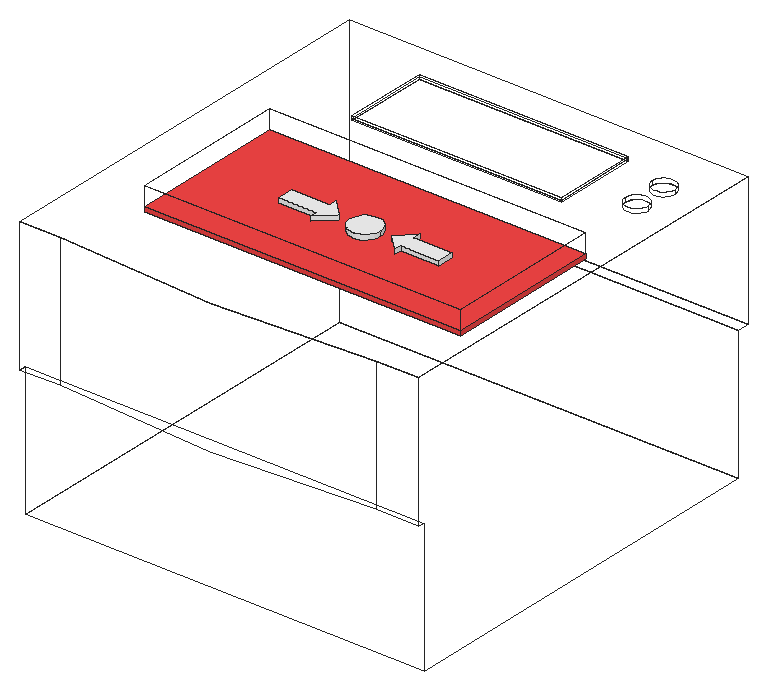
Revit family "Maxlogic ПДУ “Отмена пуска пожаротушения”", category Fire Alarm Devices, host Face, Revit 2021
Family settings
  Host = Face
  Maintain Annotation Orientation = Yes
  Round Connector Dimension = Use Diameter
  Part Type = Normal
  OmniClass Number = 23.85.30.21
  OmniClass Title = Environmental Detection/Registration
  Cut with Voids When Loaded = No
  Shared = No
  Room Calculation Point = No
Parameters (values of type "Maxlogic ПДУ “Отмена пуска пожаротушения”")
  Вес = "140 гр"
  Монтажный короб для установки извещателя с поверхностной прокладкой кабеля = ""
  Гарантийный срок = "Года"
  Гарантийный срок запчастей = "2"
  Гарантия срока службы = "2"
  Версия = ""
  URL = "https://www.mavili.com.tr/"
  Монтажный комплект для установки извещателя в подвесной потолок = ""
  Номер позы общественных работ = "833-265"
  Прозрачная защитная крышка = "ML-0710"
  Класс защиты = "IP22D"
  Код продукта = "ML-2710.ES"
  Номер телефона = "(+)90 216 466 45 05"
  Рабочее напряжение (по умолчанию) = "24 В Пост. ток"
  Диапазон рабочего напряжения = "10-30 В Пост. ток"
  Рабочая Температура = "(-10°C) - (+55°C)"
  Номинальная глубина = "58 мм"
  Номинальная ширина = "87 мм"
  Номинальная высота = "91 мм"
  Монтажная поверхность = "Настенная"
  Монтажная высота = "Выше пола на 140 см (+/-200мм)"
  Model = "MaxLogic"
  Manufacturer = "Mavili Elektronik Ticaret A.Ş."
  Инструкция по установке = "https://mavilielektronik.com/Revit/ML2710ES_RU.pdf"
  Выход индикации = ""
  Номер факса = "(+)90 216 466 45 10"
  Резервное питание = ""
  Почта = "mavili@mavili.com.tr"
  Отказ = ""
  Настройка адреса устройства = ""
  Description = "ПДУ “Отмена пуска пожаротушения”"
  Default Elevation = 0 mm
  Потребление тока = ""
  Валюта = ""
  Cost = 0
  Совместимые базы для монтажа = ""
  Цвет = "Синий"
  Производительность кода = "EN 12094-3"
  Главный Материал = "Синий пластмассовый ABS"
  Вторичный материал = "Пластмассовый"
  Адрес №1 = "Şerifali Mahallesi Kutup Sokak No:27/1-2-4 Ümraniye TR-34775 İSTANBUL"
Reference planes
  plane 1 "Center (Front/Back)": y = 0
  plane 2: z = 0
  plane 3 "Center (Left/Right)": x = 0
Forms (mm)
  Extrusion 1, solid, material "Mavili mavi"
    sketch origin (0, 0, 0) x (1, 0, 0) y (0, 1, 0)
      loop
        line (0, 89.883) -> (0, 0) -> (8.74, 0)
        arc (8.74, 0) -> (43.246, -2.016) -> (77.752, 0) r 296.28
        line (77.752, 0) -> (87.027, 0) -> (87.027, 89.883) -> (0, 89.883)
    from 0 to 58
  Extrusion 2, void
    sketch origin (0, 0, 0) x (0, 1, 0) y (0, 0, 1)
      loop
        line (89.883, 29.005) -> (87.283, 29.005) -> (87.283, -4.106) -> (89.883, -4.106) -> (89.883, 29.005)
    from 0 to 90.479
  Extrusion 3, void
    sketch origin (0, 0, 0) x (0, 1, 0) y (0, 0, 1)
      loop
        line (-3.567, 28.975) -> (-3.567, -2.735) -> (1.471, -2.735) -> (1.471, 28.975) -> (-3.567, 28.975)
    from 0 to 87.027
  Extrusion 4, void
    sketch origin (0, 0, 58) x (0, 1, 0) y (1, 0, 0)
      loop
        line (57.252, 8.74) -> (57.252, 77.752) -> (22.919, 77.752) -> (22.919, 8.74) -> (57.252, 8.74)
    from 0 to 5
  Extrusion 5, solid, material "Render Material 255-0-0"
    sketch origin (0, 0, 53) x (0, 1, 0) y (-1, 0, 0)
      loop
        line (57.252, -8.74) -> (22.919, -8.74) -> (22.919, -77.752) -> (57.252, -77.752) -> (57.252, -8.74)
    from 0 to 1
  Extrusion 6, solid, material "Render Material 255-255-255"
    sketch origin (0, 0, 54) x (1, 0, 0) y (0, 1, 0)
      loop
        circle (43.246, 40.085) r 3.37
    from 0 to 1
  Extrusion 7, solid, material "Render Material 255-255-255"
    sketch origin (0, 0, 54) x (1, 0, 0) y (0, 1, 0)
      loop
        line (49.1, 40.085) -> (52.47, 36.715) -> (52.47, 38.309) -> (60.788, 38.309) -> (60.788, 41.861) -> (52.47, 41.861) -> (52.47, 43.455) -> (49.1, 40.085)
    from 0 to 1
  Extrusion 8, solid, material "Render Material 255-255-255"
    sketch origin (86.492, 0, 54) x (-1, 0, 0) y (0, -1, 0)
      loop
        line (49.1, -40.085) -> (52.47, -43.455) -> (52.47, -41.861) -> (60.788, -41.861) -> (60.788, -38.309) -> (52.47, -38.309) -> (52.47, -36.715) -> (49.1, -40.085)
    from 0 to 1
  Extrusion 9, void
    sketch origin (0, 0, 58) x (0, 1, 0) y (1, 0, 0)
      loop
        circle (78.518, 77.752) r 2.471
    from 0 to 1
  Extrusion 10, void
    sketch origin (0, -7.362, 58) x (0, 1, 0) y (1, 0, 0)
      loop
        circle (78.518, 77.752) r 2.471
    from 0 to 1
  Extrusion 11, void
    sketch origin (0, 0, 58) x (0, 1, 0) y (1, 0, 0)
      loop
        line (82.6, 21.063) -> (82.6, 66.836) -> (64.116, 66.836) -> (64.116, 21.063) -> (82.6, 21.063)
    from 0 to 1
  Extrusion 12, solid, material "Mavili mavi"
    sketch origin (0, 0, 57) x (0, 1, 0) y (-1, 0, 0)
      loop
        line (82.6, -21.063) -> (64.116, -21.063) -> (64.116, -66.836) -> (82.6, -66.836) -> (82.6, -21.063)
    from 0 to 0.5
Cuts and joins
  Extrusion 2, Extrusion 3, Extrusion 4, Extrusion 9, Extrusion 10, Extrusion 11 cuts Extrusion 1
Dimensions and locks
  aligned and locked: plane 2 to host face
  aligned and locked: level to host face
